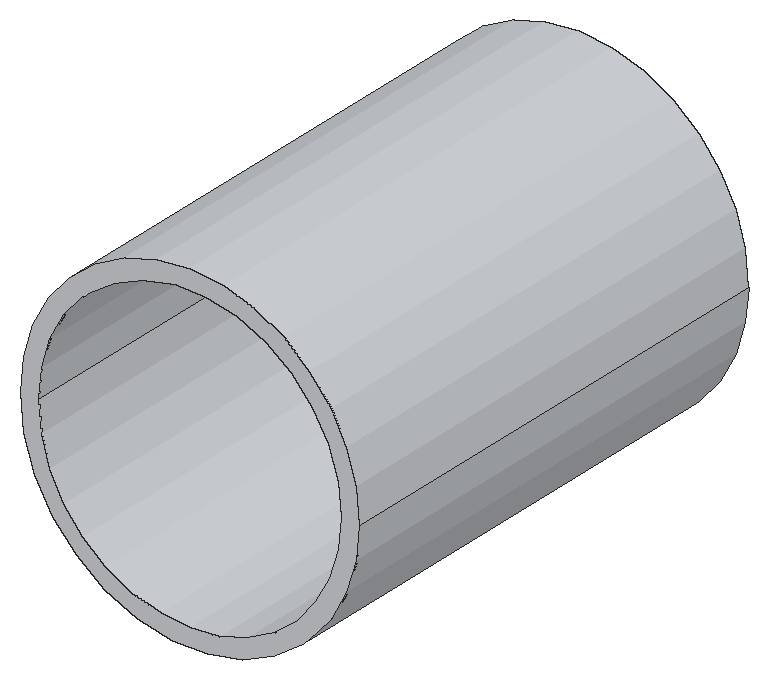
Revit family "SC2G", category Generic Models, Revit 2017
Family settings
  Can host rebar = No
  Round Connector Dimension = Use Diameter
  Part Type = Normal
  Work Plane-Based = Yes
  Always vertical = No
  Cut with Voids When Loaded = No
  Shared = No
  Room Calculation Point = No
Parameters (values of type "NBS Standard Parameters")
  Weight = "0.0473Kg"
  WarrantyStartDate [instance] = "1900-12-31T23:59:59"
  WarrantyGuarantorParts = "n/a"
  WarrantyGuarantorLabor = "n/a"
  WarrantyDurationUnit = "1 year"
  WarrantyDurationParts = "n/a"
  WarrantyDurationLabor = "n/a"
  WarrantyDescription = "n/a"
  Version = "1"
  Uniclass2 = "Pr-65_30_11_20"
  TagNumber [instance] = "n/a"
  SustainabilityPerformance = "n/a"
  Size = "25mm"
  Shape = "Circular"
  SerialNumber [instance] = "n/a"
  Revision = "n/a"
  ReplacementCost = "n/a"
  ProductInformation = "www.metpro.co.uk/pdf/sc2g.pdf"
  NominalWidth = 28 mm
  NominalLength = 28 mm
  NominalHeight = 40 mm
  Name = ""
  NBSTypeID = ""
  NBSReference = "90-55-10/460"
  NBSOfficeMasterTag = ""
  NBSNote = ""
  NBSDescription = "Conduit Fittings"
  NBSCertification = ""
  ModelReference = "SC2G"
  ModelNumber = "n/a"
  Material = "Steel"
  ManufacturerURL = "www.metpro.co.uk"
  ManufacturerName = "Metpro Ltd"
  InstallationDate [instance] = "1900-12-31T23:59:59"
  IfcExportType = ""
  IfcExportAs = ""
  Grade = "n/a"
  Finish = "Galvanised"
  Features = "n/a"
  ExpectedLife = "n/a"
  DurationUnit = "year"
  Description = "SC2G - 25mm Conduit Solid Coupler"
  Default Elevation = 1219.2 mm
  Constituents = "n/a"
  Color = "n/a"
  CodePerformance = "n/a"
  Category = "n/a"
  BarCode [instance] = "n/a"
  BIMObjectName = "Metpro_metprolibrary_conduitfittings_metalcomponent_steelaccessories"
  Author = "Metpro Ltd"
  AssetType = ""
  AssetIdentifier [instance] = "n/a"
  AccessibilityPerformance = "n/a"
Reference planes
  plane 1 "Center (Front/Back)": y = 0
  plane 2: z = 0
  plane 3 "Center (Left/Right)": x = 0
Forms (mm)
  Extrusion 1, solid
    sketch origin (224, 5.586, 25.952) x (-1, 0, 0) y (0, 0, 1)
      loop
        circle (210, 20) r 12.5
      loop
        circle (210, 20) r 14
    from 0 to 40
Dimensions and locks
  aligned and locked: level to plane 2
